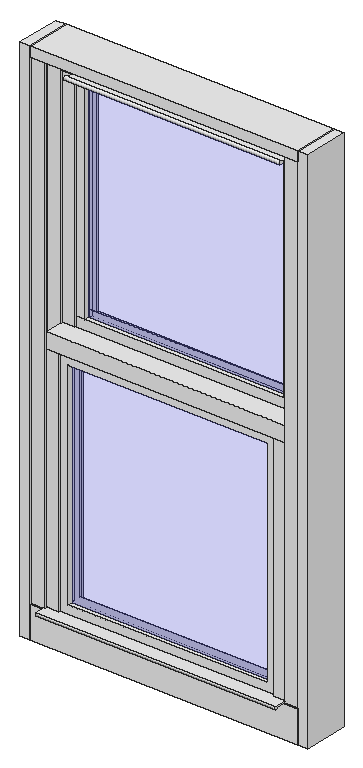
Revit family "Window-Single_&_Double_Hung-Kawneer-8450TL", category Windows, host Wall, Revit 2015
Parameters (values of type "Double Hung")
  URL = "http://www.kawneer.com/kawneer/north_america/en/home.asp"
  Top Window Offset [instance] = if(Top Fixed Window, Height + Small Fixed Window Height, Height)  # 4' - 0"
  Small Fixed Window Height [instance] = 2' - 0"
  Top Fixed Window = no
  Sill Offset [instance] = if([10 lb Sill], 0' 1 19/32", if([15 lb Sill], 0' 2 11/16", 0' 1 21/32"))  # 0' - 1 19/32"
  Serial Number [instance] = ""
  Sash Height [instance] = if(1 = 1, Height / 2, 1' 0")  # 2' - 0"
  Product data url = "https://bimobject.com/kawneerna/product/21020"
  Product Page URL = "http://www.kawneer.com/kawneer/north_america/en/product.asp?cat_id=1347&prod_id=1869"
  Product Documentation Link = "http://www.kawneer.com/kawneer/north_america/catalog/pdf/Arch_8400TL_ISOLOCK.pdf"
  Panel Width [instance] = if(Hung Panel Second Window, Single Window Width - 0' 3 5/8", Fixed Panel Width)  # 1' - 10 3/8"
  Panel Type Small Fixed = Panel-Fixed-Kawneer-wo_Muntins-8410TL : wo Muntins
  Panel Type Second Window = Panel-Fixed-Kawneer-w_Muntins-8410TL : w Muntins
  Panel Type = Panel-Double_Hung-Kawneer-wo_Muntins-8450TL : w/o Muntins
  Panel Offset Second Window [instance] = if(Hung Panel Second Window, 0' 0 1/4", 0' 0")  # 0' - 0 1/4"
  Panel Height [instance] = Height - (Sill Offset + 0' 0 15/16")  # 3' - 9 15/32"
  Opening Height [instance] = if(or(Top Fixed Window, Bottom Fixed Window), Height + Small Fixed Window Height, Height)  # 4' - 0"
  Model = "8450TL Double Hung"  # constant formula
  Manufacturer = "Kawneer Company, Inc"  # constant formula
  Keynote = "08500"  # constant formula
  Height [instance] = 4' - 0"
  Glazing Material = Glass - Kawneer - Clear
  Frame Type Small Fixed = Frame-Fixed-Kawneer-wo_Muntins : Frame
  Frame Type Second Window = Frame-Fixed-Kawneer-w_Muntins : Frame
  Frame Type = Frame-Double_Hung-Kawneer-8450TL : Frame
  Frame Material = Wood - Kawneer - Oak
  Frame Inset [instance] = 0' - 1"
  Frame Finish = Paint - Kawneer - White
  Fixed Panel Width [instance] = if(1 = 1, Single Window Width - 0' 2 3/4", 1' 0")  # 1' - 11 1/4"
  Hung Panel Second Window = yes
  Fixed Panel Second Window = not(Hung Panel Second Window)  # no
  Double Window = no
  Description = "Kawneer 8450TL Double Hung Window"  # constant formula
  Default Sill Height [instance] = 3' - 0"
  Wall Closure = By host
  Width [instance] = if(Double Window, Single Window Width * 2, Single Window Width)  # 2' - 2"
  Copyright © = "©2010 Kawneer"  # constant formula
  Single Window Width [instance] = 2' - 2"
  Construction Type = ""
  CTRL Small Fixed Panel Height [instance] = if(1 = 1, Small Fixed Window Height - 0' 2 3/4", 1' 0")  # 1' - 9 1/4"
  CTRL Small Fixed Window [instance] = or(Top Fixed Window, Bottom Fixed Window)  # no
  CTRL Sill Offset Second Window [instance] = if([10 lb Sill Second Window], 0' 1 19/32", if([15 lb Sill Second Window], 0' 2 11/16", 0' 1 3/8"))  # 0' - 2 11/16"
  CTRL Panel Height Second Window [instance] = if(Hung Panel Second Window, (Height - (CTRL Sill Offset Second Window + 0' 0 15/16")), Height - 0' 2 17/32")  # 3' - 8 3/8"
  Bottom Window Offset [instance] = if(Bottom Fixed Window, Height + Small Fixed Window Height, Height)  # 4' - 0"
  Bottom Fixed Window = no
  Assembly Code = "B2020100"
  15 lb Sill Second Window [instance] = yes
  15 lb Sill [instance] = no
  10 lb Sill Second Window [instance] = no
  10 lb Sill [instance] = yes
Reference planes (in)
  plane 1 "Center (Front/Back)": y = 0
  plane 2 "Bottom": z = 0
  plane 3 "Center (Left/Right)": x = -8
  plane 4 "Left": x = -21
  plane 5 "Right": x = 5
  plane 6 "Sill": z = 36
  plane 7 "Top": z = 84
  plane 8 "Center (Top/Sill)": z = 60
  plane 9 "Wall Face": y = 4
  plane 10 "Frame Front": y = 3
  plane 11 "Top Window Offset Top": z = 84
  plane 12 "Top Window Offset Bottom": z = 36
  plane 13 "Frame Back": y = -1
  plane 14 "Wall Interior Edge": y = -4
  plane 15 "Window Center": y = 1
  plane 16 "Panel Bottom - First Window": z = 37.59375
  plane 17 "Panel Inset Second Window": y = -0.75
  plane 18 "Single Window Center": x = -8
  plane 19 "Single Window Right": x = 5
  plane 20 "Second Window Center": x = -8
  plane 21 "Second Window Left": x = -21
  plane 22 "Panel Inset": y = -0.75
  plane 23 "Panel Bottom Second Window": z = 38.6875
  plane 24 "Top Fixed Panel Top": z = 82.625
  plane 25 "Panel Bottom Bottom Fixed": z = 37.375
Lines and regions (in)
  Opening 1
    outline origin (-60, -4, 0) x (1, 0, 0) y (0, 0, 1)
      loop
        line (39, 84) -> (39, 36) -> (65, 36) -> (65, 84) -> (39, 84)
Text (in)
  text "EXTERIOR" at (-58.6888, 50.90694, 0), in view "Ref. Level"
  text "INTERIOR" at (-58.6888, -37.76638, 0), in view "Ref. Level"
  text "Exterior" at (0, 43.65631, 123.19604), in view "Left"
  text "Exterior" at (0, 18.29385, 125.04747), in view "Right"
Dimensions and locks (in)
  equal spacing: plane 4 "Left", plane 3 "Center (Left/Right)", plane 5 "Right"
  "Default Sill Height": plane 2 "Bottom" to plane 6 "Sill"
  equal spacing: plane 7 "Top", plane 8 "Center (Top/Sill)", plane 6 "Sill"
  "Width": plane 4 "Left" to plane 5 "Right"
  "Frame Inset": plane 9 "Wall Face" to plane 10 "Frame Front"
  locked: plane 10 "Frame Front" to plane 13 "Frame Back" at 4
  locked: plane 14 "Wall Interior Edge" to host wall
  equal spacing: plane 10 "Frame Front", plane 15 "Window Center", plane 13 "Frame Back"
  "Sill Offset": plane 6 "Sill" to plane 16 "Panel Bottom - First Window"
  "Panel Offset Second Window": plane 17 "Panel Inset Second Window" to plane 13 "Frame Back"
  equal spacing: plane 19 "Single Window Right", plane 18 "Single Window Center", plane 4 "Left"
  "Single Window Width": plane 4 "Left" to plane 19 "Single Window Right"
  equal spacing: plane 21 "Second Window Left", plane 20 "Second Window Center", plane 5 "Right"
  "Single Window Width": plane 21 "Second Window Left" to plane 5 "Right"
  locked: plane 22 "Panel Inset" to plane 13 "Frame Back" at 0.25
  "CTRL Sill Offset Second Window": plane 6 "Sill" to plane 23 "Panel Bottom Second Window"
  locked: plane 24 "Top Fixed Panel Top" to plane 11 "Top Window Offset Top" at 1.375
  "Height": plane 6 "Sill" to plane 7 "Top"
  "Bottom Window Offset": plane 12 "Top Window Offset Bottom" to plane 7 "Top"
  "Opening Height": plane 12 "Top Window Offset Bottom" to plane 11 "Top Window Offset Top"
  locked: plane 12 "Top Window Offset Bottom" to plane 25 "Panel Bottom Bottom Fixed" at 1.375
  equal spacing: plane 9 "Wall Face", plane 1 "Center (Front/Back)", plane 14 "Wall Interior Edge"
  aligned and locked: plane 5 "Right" to Opening 1 sketch curve
  aligned and locked: plane 4 "Left" to Opening 1 sketch curve
  aligned and locked: plane 9 "Wall Face" to host wall
  aligned and locked: Opening 1 sketch curve to plane 11 "Top Window Offset Top"
  aligned and locked: nested 1 to plane 16 "Panel Bottom - First Window"
  aligned and locked: plane 18 "Single Window Center" to nested 1
  aligned and locked: plane 18 "Single Window Center" to nested 2
  aligned and locked: nested 2 to plane 10 "Frame Front"
  aligned and locked: nested 3 to plane 20 "Second Window Center"
  aligned and locked: nested 3 to plane 17 "Panel Inset Second Window"
  aligned and locked: nested 1 to plane 22 "Panel Inset"
  aligned and locked: nested 3 to plane 23 "Panel Bottom Second Window"
  aligned and locked: plane 18 "Single Window Center" to nested 4
  aligned and locked: nested 4 to plane 10 "Frame Front"
  aligned and locked: nested 4 to plane 11 "Top Window Offset Top"
  aligned and locked: plane 18 "Single Window Center" to nested 5
  aligned and locked: plane 13 "Frame Back" to nested 5
  aligned and locked: nested 5 to plane 24 "Top Fixed Panel Top"
  aligned and locked: nested 2 to plane 6 "Sill"
  aligned and locked: plane 12 "Top Window Offset Bottom" to Opening 1 sketch curve
  aligned and locked: plane 18 "Single Window Center" to nested 6
  aligned and locked: nested 6 to plane 10 "Frame Front"
  aligned and locked: nested 6 to plane 12 "Top Window Offset Bottom"
  aligned and locked: plane 18 "Single Window Center" to nested 7
  aligned and locked: nested 7 to plane 25 "Panel Bottom Bottom Fixed"
  aligned and locked: plane 13 "Frame Back" to nested 7
  aligned and locked: nested 8 to plane 20 "Second Window Center"
  aligned and locked: nested 8 to plane 10 "Frame Front"
  aligned and locked: nested 8 to plane 12 "Top Window Offset Bottom"
Nested families (in)
  nested 1: "Panel-Double_Hung-Kawneer-wo_Muntins-8450TL" at (-8, 1.17187, 37.59375) x (-1, 0, 0) z (0, 0, 1), Glazing Material <- "Glazing Material", Frame Material <- "Frame Material", Frame Finish <- "Frame Finish", Width <- "Panel Width", Height <- "Panel Height", type <- "Panel Type", type "w/o Muntins"
    with Width 1' - 10 3/8", Top Hung Window Height 1' - 11 41/64", Single Hung Window Height 1' - 11 41/64", Height 3' - 9 15/32", Glazing Material Glass - Kawneer - Clear, Frame Material Wood - Kawneer - Oak, Frame Finish Paint - Kawneer - White
  nested 2: "Frame-Double_Hung-Kawneer-8450TL" at (-8, 1.17187, 36) x (-1, 0, 0) z (0, 0, 1), Glazing Material <- "Glazing Material", Frame Material <- "Frame Material", Frame Finish <- "Frame Finish", Width <- "Single Window Width", Height <- "Height", 10 lbs Sill <- "10 lb Sill", type "Frame"
    with Width 2' - 2", Sill Top 0' - 2 29/32", Muntin Visibility yes, Muntin Not Visible no, Height 4' - 0", Glazing Material Glass - Kawneer - Clear, Frame Material Wood - Kawneer - Oak, Frame Finish Paint - Kawneer - White, 15 lbs Sill no, 10 lbs Sill yes
  nested 3: "Panel-Fixed-Kawneer-w_Muntins-8410TL" at (-8, 2.28125, 38.6875) x (-1, 0, 0) z (0, 0, 1), Glazing Material <- "Glazing Material", Frame Material <- "Frame Material", Frame Finish <- "Frame Finish", Width <- "Panel Width", Height <- "CTRL Panel Height Second Window", type <- "Panel Type Second Window", visible <- "Double Window", type "w Muntins"
    with Width 1' - 10 3/8", Symbol Width 1' - 8 3/8", Symbol Height 3' - 6 3/8", Height 3' - 8 3/8", Glazing Material Glass - Kawneer - Clear, Frame Material Wood - Kawneer - Oak, Frame Finish Paint - Kawneer - White
  nested 4: "Frame-Fixed-Kawneer-wo_Muntins" at (26.64497, -27, 60) x (-1, 0, 0) z (0, 0, 1), type <- "Frame Type Small Fixed", visible <- "Top Fixed Window", Glazing Material <- "Glazing Material", Frame Material <- "Frame Material", Frame Finish <- "Frame Finish", Width <- "Single Window Width", Height <- "Small Fixed Window Height", type "Frame"
    with Width 2' - 2", Panel Width 1' - 11 1/4", Panel Height 1' - 9 1/4", Height 2' - 0", Glazing Material Glass - Kawneer - Clear, Frame Material Wood - Kawneer - Oak, Frame Finish Paint - Kawneer - White
  nested 5: "Panel-Fixed-Kawneer-wo_Muntins-8410TL" at (-8, 2.15625, 61.375) x (-1, 0, 0) z (0, 0, 1), visible <- "Top Fixed Window", Glazing Material <- "Glazing Material", Frame Material <- "Frame Material", Frame Finish <- "Frame Finish", Width <- "Fixed Panel Width", Height <- "CTRL Small Fixed Panel Height", type <- "Panel Type Small Fixed", type "wo Muntins"
    with Width 1' - 11 1/4", Symbol Width 1' - 9 1/4", Symbol Height 1' - 7 1/4", Height 1' - 9 1/4", Glazing Material Glass - Kawneer - Clear, Frame Material Wood - Kawneer - Oak, Frame Finish Paint - Kawneer - White
  nested 6: "Frame-Fixed-Kawneer-wo_Muntins" at (26.64497, -27, 36) x (-1, 0, 0) z (0, 0, 1), visible <- "Bottom Fixed Window", Glazing Material <- "Glazing Material", Frame Material <- "Frame Material", Frame Finish <- "Frame Finish", Width <- "Single Window Width", Height <- "Small Fixed Window Height", type <- "Frame Type Small Fixed", type "Frame"
    with Width 2' - 2", Panel Width 1' - 11 1/4", Panel Height 1' - 9 1/4", Height 2' - 0", Glazing Material Glass - Kawneer - Clear, Frame Material Wood - Kawneer - Oak, Frame Finish Paint - Kawneer - White
  nested 7: "Panel-Fixed-Kawneer-wo_Muntins-8410TL" at (-8, 2.15625, 37.375) x (-1, 0, 0) z (0, 0, 1), type <- "Panel Type Small Fixed", visible <- "Bottom Fixed Window", Glazing Material <- "Glazing Material", Frame Material <- "Frame Material", Frame Finish <- "Frame Finish", Width <- "Fixed Panel Width", Height <- "CTRL Small Fixed Panel Height", type "wo Muntins"
    with Width 1' - 11 1/4", Symbol Width 1' - 9 1/4", Symbol Height 1' - 7 1/4", Height 1' - 9 1/4", Glazing Material Glass - Kawneer - Clear, Frame Material Wood - Kawneer - Oak, Frame Finish Paint - Kawneer - White
  nested 8: "Frame-Fixed-Kawneer-w_Muntins" at (26.64497, -27, 36) x (-1, 0, 0) z (0, 0, 1), Glazing Material <- "Glazing Material", Frame Material <- "Frame Material", Frame Finish <- "Frame Finish", Width <- "Single Window Width", Height <- "Height", type <- "Frame Type Second Window", visible <- "Double Window", type "Frame"
    with Width 2' - 2", Panel Width 1' - 11 1/4", Panel Height 3' - 9 1/4", Height 4' - 0", Glazing Material Glass - Kawneer - Clear, Frame Material Wood - Kawneer - Oak, Frame Finish Paint - Kawneer - White
Definition of nested family "Panel-Double_Hung-Kawneer-wo_Muntins-8450TL"
  Parameters
    Width [instance] = 1' - 10 3/8"
    URL = "http://www.kawneer.com/kawneer/north_america/en/home.asp"
    Top Hung Window Height [instance] = if(1 = 1, (Height / 2) + 0' 0 29/32", 1' 0")  # 1' - 11 15/32"
    Single Hung Window Height [instance] = if(1 = 1, (Height / 2) + 0' 0 29/32", 1' 0")  # 1' - 11 15/32"
    Model = "8430TL Single Hung Window"
    Manufacturer = "Kawneer Company, Inc."
    Keynote = ""
    Height [instance] = 3' - 9 1/8"
    Glazing Material [instance] = none
    Frame Material [instance] = none
    Frame Finish [instance] = none
    Depth = 0' - 3 19/32"  # constant formula
    Assembly Code = ""
  Reference planes (in)
    plane 1 "Center (Front/Back)": y = 0.125
    plane 2 "Bottom": z = 0
    plane 3 "Center (Left/Right)": x = 0
    plane 4 "Top Glass Frame Left": x = -9.75
    plane 5 "Top Glass Frame Right": x = 9.75
    plane 6 "Sill Back Left": x = -10.8125
    plane 7 "Back Sill Right": x = 10.8125
    plane 8 "Left": x = -11.1875
    plane 9 "Right": x = 11.1875
    plane 10 "Back": y = 1.92187
    plane 11 "Bottom Sash Front": y = 0.26562
    plane 12 "Top": z = 45.125
    plane 13 "Front": y = -1.67188
    plane 14 "Top Panel Inside Frame Top": z = 44.37431
    plane 15 "Bottom Sash Frame Top": z = 23.46875
    plane 16 "Top Sash Frame Bottom": z = 21.65625
    plane 17 "Center (Elevation)": z = 22.5625
    plane 18 "Top Sash Back": y = -0.01563
    plane 19 "Bottom Sash Bottom Frame Top": z = 2.125
  Dimensions and locks (in)
    equal spacing: plane 8 "Left", plane 3 "Center (Left/Right)", plane 9 "Right"
    "Width": plane 8 "Left" to plane 9 "Right"
    locked: plane 8 "Left" to plane 6 "Sill Back Left" at 0.375
    locked: plane 8 "Left" to plane 4 "Top Glass Frame Left" at 1.4375
    locked: plane 9 "Right" to plane 7 "Back Sill Right" at 0.375
    locked: plane 9 "Right" to plane 5 "Top Glass Frame Right" at 1.4375
    locked: plane 12 "Top" to plane 14 "Top Panel Inside Frame Top" at 0.75069
    locked: plane 15 "Bottom Sash Frame Top" to plane 17 "Center (Elevation)" at 0.90625
    locked: plane 17 "Center (Elevation)" to plane 16 "Top Sash Frame Bottom" at 0.90625
    equal spacing: plane 10 "Back", plane 1 "Center (Front/Back)", plane 13 "Front"
    locked: plane 1 "Center (Front/Back)" to plane 18 "Top Sash Back" at 0.14063
    locked: plane 1 "Center (Front/Back)" to plane 11 "Bottom Sash Front" at 0.14062
    "Depth": plane 10 "Back" to plane 13 "Front"
    "Height": plane 12 "Top" to plane 2 "Bottom"
    equal spacing: plane 12 "Top", plane 17 "Center (Elevation)", plane 2 "Bottom"
    locked: plane 19 "Bottom Sash Bottom Frame Top" to plane 2 "Bottom" at 2.125
    aligned and locked: level to plane 2 "Bottom"
    aligned and locked: plane 3 "Center (Left/Right)" to nested 1
    aligned and locked: plane 3 "Center (Left/Right)" to nested 2
    aligned and locked: plane 16 "Top Sash Frame Bottom" to nested 1
    aligned and locked: plane 13 "Front" to nested 1
    aligned and locked: plane 10 "Back" to nested 2
    aligned and locked: plane 2 "Bottom" to nested 2
  Nested families (in)
    nested 1: "Sash-Top_Double_Hung-Kawneer-wo_Muntins-8450TL" at (-5.64497, -0.86016, 21.65625), type "w/o Muntins"
      with Symbol Width 1' - 5 5/8", Symbol Height 1' - 7 23/32", Height 1' - 11 15/32"
    nested 2: "Sash-Bottom_Hung-Kawneer-wo_Muntins-8450TL" at (0, 1.09375, 0), type "w/o Muntins"
      with Height 1' - 11 15/32"
  Definition of nested family "Sash-Top_Double_Hung-Kawneer-wo_Muntins-8450TL"
    Parameters
      Width = 1' - 10 3/8"
      URL = "http://www.kawneer.com/kawneer/north_america/en/product.asp?cat_id=1347&prod_id=1869"
      Symbol Width [instance] = if(1 = 1, Width - 0' 4 3/4", 1' 0")  # 1' - 5 5/8"
      Symbol Height [instance] = if(1 = 1, Height - 0' 3 3/4", 1' 0")  # 1' - 8 1/4"
      Model = "8430TL Single Hung Window"  # constant formula
      Manufacturer = "Kawneer Company, Inc."  # constant formula
      Height = 2' - 0"
      Glazing Material = none
      Glass Thickness = 0' - 1"  # constant formula
      Glass Offset = 0' - 0 5/32"  # constant formula
      Frame Material = none
      Frame Finish = none
      Depth = 0' - 1 21/32"  # constant formula
      Assembly Code = ""
    Reference planes (in)
      plane 1 "Center (Front/Back)": y = 0
      plane 2 "Bottom": z = 0
      plane 3 "Center (Left/Right)": x = 5.64497
      plane 4 "Left": x = -5.54253
      plane 5 "Right": x = 16.83247
      plane 6 "Hung Window Left": x = -4.63628
      plane 7 "Hung Window Right": x = 15.92622
      plane 8 "Sill Back Left": x = -4.26128
      plane 9 "Sill Back Right": x = 15.55122
      plane 10 "Frame Left": x = -4.11244
      plane 11 "Frame Right": x = 15.38716
      plane 12 "Glass Left": x = -3.69878
      plane 13 "Glass Right": x = 14.98872
      plane 14 "Center (Top/Bottom)": z = 12.3434
      plane 15 "Top Horizontal Frame": z = 24
      plane 16 "Glass Bottom": z = 2.0625
      plane 17 "Glass Top": z = 22.62431
      plane 18 "Glass Back": y = 0.34453
      plane 19 "Glass Front": y = -0.65547
      plane 20 "Middle Frame Top": z = 2.5625
      plane 21 "Bottom Frame Top": z = 1.8125
      plane 22 "Front": y = -0.81172
      plane 23 "Back Inset": y = 0.84503
      plane 24 "Center Glass": y = -0.15547
      plane 25 "Bottom Frame Inside Top Notch": z = 1.25
      plane 26 "Back": y = 0.96875
      plane 27 "Bottom Frame Inside Right": y = -0.71875
      plane 28 "Frame Notch Back": y = 0.78125
      plane 29 "Muntin Left": x = -3.35503
      plane 30 "Muntin Right": x = 14.64458
      plane 31 "Muntin Top": z = 22.12431
      plane 32 "Muntin Front": y = -1.03047
    Forms (in)
      Extrusion 1, solid, material <- "Glazing Material"
        sketch origin (0, 0, 0) x (1, 0, 0) y (0, 1, 0)
          loop
            line (-3.69878, 0.34453) -> (-3.69878, -0.65547) -> (14.98872, -0.65547) -> (14.98872, 0.34453) -> (-3.69878, 0.34453)
        from 2.0625 to 22.62431
      Extrusion 2, solid, material <- "Frame Finish"
        sketch origin (5.64497, 0, 0) x (0, 1, 0) y (0, 0, 1)
          loop
            line (-0.71875, 1.8125) -> (-0.81172, 1.8125) -> (-0.81172, 0) -> (0.96875, 0) -> (0.96875, 1.25) -> (0.78125, 1.25) -> (0.78125, 2.5625) -> (0.34453, 2.5625) -> (0.34453, 1.8125) -> (-0.65547, 1.8125) -> (-0.65547, 2.5625) -> (-0.71875, 2.5625) -> (-0.71875, 1.8125)
        from -9.75742 to 9.74219
      Extrusion 3, solid, material <- "Frame Finish"
        sketch origin (0, 0, 0) x (1, 0, 0) y (0, 1, 0)
          loop
            line (-5.54253, 0.96875) -> (-5.54253, -0.81172) -> (-4.11244, -0.81172) -> (-4.11244, 0.96875) -> (-5.54253, 0.96875)
          loop
            line (16.83247, 0.96875) -> (15.38716, 0.96875) -> (15.38716, -0.81172) -> (16.83247, -0.81172) -> (16.83247, 0.96875)
        from 0 to 24
      Extrusion 4, solid, material <- "Frame Finish"
        sketch origin (0, -0.81172, 0) x (0, 0, -1) y (-1, 0, 0)
          loop
            line (-2.5625, 4.11244) -> (-22.62431, 4.11244) -> (-22.62431, -15.38716) -> (-2.5625, -15.38716) -> (-2.5625, -14.64458) -> (-22.12431, -14.64458) -> (-22.12431, 3.35503) -> (-2.5625, 3.35503) -> (-2.5625, 4.11244)
        from 0.09297 to 0.15625
      Extrusion 5, solid, material <- "Frame Finish"
        sketch origin (0, -0.81172, 0) x (0, 0, -1) y (-1, 0, 0)
          loop
            line (-2.5625, 4.11244) -> (-22.62431, 4.11244) -> (-22.62431, -15.38716) -> (-2.5625, -15.38716) -> (-2.5625, -14.64458) -> (-22.12431, -14.64458) -> (-22.12431, 3.35503) -> (-2.5625, 3.35503) -> (-2.5625, 4.11244)
        from 1.15625 to 1.59297
      Sweep 6, solid, material <- "Frame Finish"
        path origin (0, 0, 2.07665) x (1, 0, 0) y (0, 0, 1)
          loop
            line (-4.11244, 21.92335) -> (15.38716, 21.92335)
        profile "Window Sill Top : Window Sill Top" origin (5.63736, 0, 24) x (0, 0, 1) y (0, -1, 0)
          loop
            line (0, 0.81172) -> (-1.375, 0.81172) -> (-1.375, -2.12578)
            arc (-1.375, -2.12578) -> (-1.13302, -2.05019) -> (-1.28125, -1.84453) r 0.15625
            line (-1.28125, -1.84453) -> (-1.28125, -0.96953) -> (0, -0.96953) -> (0, 0.81172)
    Lines and regions (in)
      Masking region 1, detail levels fine
        outline origin (-5.54253, 0, 0) x (0, 0, -1) y (0, -1, 0)
          loop
            line (0, 0.81172) -> (-1.8125, 0.81172) -> (-1.8125, 0.71875) -> (-2.5625, 0.71875) -> (-2.5625, 0.65547) -> (-1.8125, 0.65547) -> (-1.8125, -0.34453) -> (-2.5625, -0.34453) -> (-2.5625, -0.78125) -> (-1.8125, -0.78125) -> (-1.8125, -0.84503) -> (-1.25, -0.84503) -> (-1.25, -0.96875) -> (-1.15625, -0.96875) -> (-0.53125, -0.96875) -> (-0.09375, -0.96875) -> (0, -0.96875) -> (0, 0.81172)
      Masking region 2, detail levels fine
        outline origin (-5.54253, 0, 0) x (0, 0, -1) y (0, -1, 0)
          loop
            line (-22.62431, -0.34453) -> (-1.8125, -0.34453) -> (-1.8125, 0.65547) -> (-22.62431, 0.65547) -> (-22.62431, -0.34453)
      Masking region 3
        outline origin (0, 0, 0) x (1, 0, 0) y (0, 0, 1)
          loop
            line (-4.11244, 24) -> (-4.11244, 0) -> (15.38716, 0) -> (15.38716, 24) -> (-4.11244, 24)
          loop
            line (-3.35503, 22.12431) -> (-3.35503, 2.5625) -> (14.64458, 2.5625) -> (14.64458, 22.12431) -> (-3.35503, 22.12431)
      Masking region 4
        outline origin (0, 0, 0) x (1, 0, 0) y (0, 0, 1)
          loop
            line (-3.35503, 22.12431) -> (-3.35503, 2.5625) -> (14.64458, 2.5625) -> (14.64458, 22.12431) -> (-3.35503, 22.12431)
      Masking region 5, detail levels fine
        outline origin (0, 0, 0) x (1, 0, 0) y (0, 0, 1)
          loop
            line (-4.11244, 1.8125) -> (-4.11244, 0) -> (15.38716, 0) -> (15.38716, 1.8125) -> (-4.11244, 1.8125)
          loop
            line (-4.11244, 24) -> (-4.11244, 22.62431) -> (15.38716, 22.62431) -> (15.38716, 24) -> (-4.11244, 24)
      Masking region 6, detail levels medium+fine
        outline origin (5.64497, 0, 0) x (0, 1, 0) y (0, 0, 1)
          loop
            line (-0.81172, 22.62431) -> (-0.81172, 1.8125) -> (0.84503, 1.8125) -> (0.84503, 22.62431) -> (-0.81172, 22.62431)
      Masking region 7, detail levels medium
        outline origin (5.64497, 0, 0) x (0, 1, 0) y (0, 0, 1)
          loop
            line (-0.81172, 1.8125) -> (-0.81172, 0) -> (0.96875, 0) -> (0.96875, 1.25) -> (0.84503, 1.25) -> (0.84503, 1.8125) -> (-0.81172, 1.8125)
      Masking region 8, not visible, detail levels fine
        outline origin (5.64497, 0, 0) x (0, 1, 0) y (0, 0, 1)
          loop
            line (-0.65547, 12.63993) -> (-1.03047, 12.42118) -> (-1.03047, 12.26562) -> (-0.65547, 12.04687) -> (-0.65547, 12.63993)
      Masking region 9
        outline origin (0, 0, 0) x (1, 0, 0) y (0, 0, 1)
          loop
            line (-5.54253, 24) -> (-5.54253, 0) -> (-4.11244, 0) -> (-4.11244, 24) -> (-5.54253, 24)
          loop
            line (15.38716, 24) -> (15.38716, 0) -> (16.83247, 0) -> (16.83247, 24) -> (15.38716, 24)
      Masking region 10, detail levels medium+fine
        outline origin (5.64497, 0, 0) x (0, 1, 0) y (0, 0, 1)
          loop
            line (-0.81172, 24) -> (-0.81172, 22.62431) -> (0.96875, 22.62431) -> (0.96875, 24) -> (-0.81172, 24)
      symbolic lines, detail levels medium
        curve 1: line (5.64497, -0.15547, 1.8125) -> (5.64497, -0.15547, 22.62431)
    Dimensions and locks (in)
      "Width": plane 4 "Left" to plane 5 "Right"
      locked: plane 20 "Middle Frame Top" to plane 2 "Bottom" at 2.5625
      locked: plane 16 "Glass Bottom" to plane 2 "Bottom" at 2.0625
      locked: plane 21 "Bottom Frame Top" to plane 25 "Bottom Frame Inside Top Notch" at 0.5625
      locked: plane 10 "Frame Left" to plane 29 "Muntin Left" at 0.75742
      locked: plane 30 "Muntin Right" to plane 11 "Frame Right" at 0.74258
      locked: plane 4 "Left" to plane 29 "Muntin Left" at 2.1875
      locked: plane 4 "Left" to plane 6 "Hung Window Left" at 0.90625
      locked: plane 4 "Left" to plane 8 "Sill Back Left" at 1.28125
      locked: plane 4 "Left" to plane 12 "Glass Left" at 1.84375
      locked: plane 30 "Muntin Right" to plane 5 "Right" at 2.1879
      locked: plane 7 "Hung Window Right" to plane 5 "Right" at 0.90625
      locked: plane 9 "Sill Back Right" to plane 5 "Right" at 1.28125
      locked: plane 13 "Glass Right" to plane 5 "Right" at 1.84375
      equal spacing: plane 18 "Glass Back", plane 24 "Center Glass", plane 19 "Glass Front"
      locked: plane 27 "Bottom Frame Inside Right" to plane 22 "Front" at 0.09297
      "Glass Offset": plane 19 "Glass Front" to plane 22 "Front"
      "Glass Thickness": plane 18 "Glass Back" to plane 19 "Glass Front"
      locked: plane 26 "Back" to plane 23 "Back Inset" at 0.12372
      locked: plane 19 "Glass Front" to plane 32 "Muntin Front" at 0.375
      equal spacing: plane 31 "Muntin Top", plane 14 "Center (Top/Bottom)", plane 20 "Middle Frame Top"
      locked: plane 15 "Top Horizontal Frame" to plane 17 "Glass Top" at 1.37569
      locked: plane 17 "Glass Top" to plane 31 "Muntin Top" at 0.5
      "Height": plane 15 "Top Horizontal Frame" to plane 2 "Bottom"
      locked: plane 22 "Front" to plane 23 "Back Inset" at 1.65675
      locked: plane 21 "Bottom Frame Top" to plane 2 "Bottom" at 1.8125
      locked: plane 28 "Frame Notch Back" to plane 26 "Back" at 0.1875
      plane 22 "Front" to plane 26 "Back" = 0' - 1.78047"
      locked: plane 22 "Front" to plane 1 "Center (Front/Back)" at 0.81172
      equal spacing: plane 4 "Left", plane 3 "Center (Left/Right)", plane 5 "Right"
      aligned and locked: Extrusion 1 sketch curve to plane 18 "Glass Back"
      aligned and locked: plane 19 "Glass Front" to Extrusion 1 sketch curve
      aligned and locked: plane 13 "Glass Right" to Extrusion 1 sketch curve
      aligned and locked: Extrusion 1 sketch curve to plane 12 "Glass Left"
      aligned and locked: plane 17 "Glass Top" to Extrusion 1
      aligned and locked: Extrusion 1 to plane 16 "Glass Bottom"
      aligned and locked: plane 2 "Bottom" to Masking region 1 sketch curve
      aligned and locked: plane 26 "Back" to Masking region 1 sketch curve  (x3)
      aligned and locked: Masking region 1 sketch curve to plane 26 "Back"
      aligned and locked: Masking region 1 sketch curve to plane 25 "Bottom Frame Inside Top Notch"
      aligned and locked: plane 19 "Glass Front" to Masking region 2 sketch curve
      aligned and locked: Masking region 2 sketch curve to plane 18 "Glass Back"
      aligned and locked: Masking region 3 sketch curve to plane 31 "Muntin Top"
      aligned and locked: plane 20 "Middle Frame Top" to Masking region 3 sketch curve
      aligned and locked: Masking region 3 sketch curve to plane 29 "Muntin Left"
      aligned and locked: plane 30 "Muntin Right" to Masking region 3 sketch curve
      aligned and locked: plane 20 "Middle Frame Top" to Masking region 4 sketch curve
      aligned and locked: plane 30 "Muntin Right" to Masking region 4 sketch curve
      aligned and locked: Masking region 4 sketch curve to plane 29 "Muntin Left"
      aligned and locked: Masking region 4 sketch curve to plane 31 "Muntin Top"
      aligned and locked: Masking region 5 sketch curve to plane 21 "Bottom Frame Top"
      aligned and locked: plane 2 "Bottom" to Masking region 5 sketch curve
      aligned and locked: plane 22 "Front" to Masking region 6 sketch curve
      aligned and locked: plane 22 "Front" to Masking region 1 sketch curve
      aligned and locked: Masking region 1 sketch curve to plane 21 "Bottom Frame Top"  (x3)
      aligned and locked: Masking region 7 sketch curve to plane 21 "Bottom Frame Top"
      aligned and locked: Masking region 7 sketch curve to plane 25 "Bottom Frame Inside Top Notch"
      aligned and locked: plane 2 "Bottom" to Masking region 7 sketch curve
      aligned and locked: plane 22 "Front" to Masking region 7 sketch curve
      aligned and locked: Masking region 6 sketch curve to plane 23 "Back Inset"
      aligned and locked: plane 21 "Bottom Frame Top" to Masking region 6 sketch curve
      aligned and locked: plane 23 "Back Inset" to Masking region 1 sketch curve
      aligned and locked: Masking region 7 sketch curve to plane 26 "Back"
      aligned and locked: plane 21 "Bottom Frame Top" to Masking region 2 sketch curve
      aligned and locked: Masking region 3 sketch curve to plane 15 "Top Horizontal Frame"
      aligned and locked: Masking region 8 sketch curve to plane 19 "Glass Front"
      aligned and locked: Masking region 8 sketch curve to plane 32 "Muntin Front"
      aligned and locked: plane 24 "Center Glass" to curve 1
      aligned and locked: Extrusion 2 sketch curve to plane 18 "Glass Back"
      aligned and locked: plane 19 "Glass Front" to Extrusion 2 sketch curve
      aligned and locked: plane 20 "Middle Frame Top" to Extrusion 2 sketch curve  (x2)
      aligned and locked: Extrusion 2 sketch curve to plane 27 "Bottom Frame Inside Right"
      aligned and locked: plane 21 "Bottom Frame Top" to Extrusion 2 sketch curve  (x2)
      aligned and locked: Extrusion 2 sketch curve to plane 22 "Front"
      aligned and locked: Extrusion 2 sketch curve to plane 2 "Bottom"
      aligned and locked: plane 26 "Back" to Extrusion 2 sketch curve
      aligned and locked: plane 25 "Bottom Frame Inside Top Notch" to Extrusion 2 sketch curve
      aligned and locked: plane 28 "Frame Notch Back" to Extrusion 2 sketch curve
      aligned and locked: plane 10 "Frame Left" to Extrusion 2
      aligned and locked: Extrusion 2 to plane 11 "Frame Right"
      aligned and locked: Extrusion 3 sketch curve to plane 26 "Back"
      aligned and locked: Extrusion 3 sketch curve to plane 4 "Left"
      aligned and locked: plane 22 "Front" to Extrusion 3 sketch curve
      aligned and locked: plane 10 "Frame Left" to Extrusion 3 sketch curve
      aligned and locked: plane 11 "Frame Right" to Extrusion 3 sketch curve
      aligned and locked: plane 26 "Back" to Extrusion 3 sketch curve
      aligned and locked: Extrusion 3 sketch curve to plane 5 "Right"
      aligned and locked: Extrusion 3 sketch curve to plane 22 "Front"
      aligned and locked: Extrusion 3 to plane 2 "Bottom"
      aligned and locked: plane 15 "Top Horizontal Frame" to Extrusion 3
      aligned and locked: plane 29 "Muntin Left" to Extrusion 4 sketch curve
      aligned and locked: plane 31 "Muntin Top" to Extrusion 4 sketch curve
      aligned and locked: Extrusion 4 sketch curve to plane 30 "Muntin Right"
      aligned and locked: plane 11 "Frame Right" to Extrusion 4 sketch curve
      aligned and locked: Extrusion 4 sketch curve to plane 10 "Frame Left"
      aligned and locked: Masking region 3 sketch curve to plane 10 "Frame Left"
      aligned and locked: plane 11 "Frame Right" to Masking region 3 sketch curve
      aligned and locked: Extrusion 4 to plane 27 "Bottom Frame Inside Right"
      aligned and locked: plane 19 "Glass Front" to Extrusion 4
      aligned and locked: plane 20 "Middle Frame Top" to Extrusion 4 sketch curve  (x2)
      aligned and locked: plane 11 "Frame Right" to Masking region 5 sketch curve  (x2)
      aligned and locked: Masking region 5 sketch curve to plane 10 "Frame Left"  (x2)
      aligned and locked: Masking region 9 sketch curve to plane 15 "Top Horizontal Frame"  (x2)
      aligned and locked: plane 10 "Frame Left" to Masking region 9 sketch curve
      aligned and locked: Masking region 9 sketch curve to plane 4 "Left"
      aligned and locked: plane 2 "Bottom" to Masking region 9 sketch curve  (x2)
      aligned and locked: Masking region 9 sketch curve to plane 11 "Frame Right"
      aligned and locked: plane 5 "Right" to Masking region 9 sketch curve
      aligned and locked: Extrusion 5 to plane 18 "Glass Back"
      aligned and locked: plane 28 "Frame Notch Back" to Extrusion 5
      aligned and locked: plane 29 "Muntin Left" to Extrusion 5 sketch curve
      aligned and locked: Extrusion 5 sketch curve to plane 10 "Frame Left"
      aligned and locked: plane 20 "Middle Frame Top" to Extrusion 5 sketch curve  (x2)
      aligned and locked: plane 31 "Muntin Top" to Extrusion 5 sketch curve
      aligned and locked: Extrusion 5 sketch curve to plane 30 "Muntin Right"
      aligned and locked: plane 11 "Frame Right" to Extrusion 5 sketch curve
      aligned and locked: Sweep 6 sketch curve to plane 15 "Top Horizontal Frame"
      aligned and locked: plane 10 "Frame Left" to Sweep 6 sketch curve
      aligned and locked: plane 11 "Frame Right" to Sweep 6 sketch curve
      aligned and locked: Masking region 6 sketch curve to plane 17 "Glass Top"
      aligned and locked: plane 17 "Glass Top" to Masking region 2 sketch curve
      aligned and locked: Extrusion 5 sketch curve to plane 17 "Glass Top"
      aligned and locked: Extrusion 4 sketch curve to plane 17 "Glass Top"
      aligned and locked: Masking region 7 sketch curve to plane 23 "Back Inset"
      aligned and locked: plane 27 "Bottom Frame Inside Right" to Masking region 1 sketch curve
      aligned and locked: Masking region 1 sketch curve to plane 20 "Middle Frame Top"  (x2)
      aligned and locked: Masking region 1 sketch curve to plane 19 "Glass Front"
      aligned and locked: plane 18 "Glass Back" to Masking region 1 sketch curve
      aligned and locked: Masking region 1 sketch curve to plane 28 "Frame Notch Back"
      aligned and locked: plane 17 "Glass Top" to Masking region 5 sketch curve
      aligned and locked: Masking region 5 sketch curve to plane 15 "Top Horizontal Frame"
      aligned and locked: plane 2 "Bottom" to Masking region 3 sketch curve
      aligned and locked: nested 1 to plane 3 "Center (Left/Right)"
      aligned and locked: plane 14 "Center (Top/Bottom)" to nested 1
      aligned and locked: Masking region 10 sketch curve to plane 15 "Top Horizontal Frame"
      aligned and locked: plane 17 "Glass Top" to Masking region 10 sketch curve
      aligned and locked: Masking region 10 sketch curve to plane 26 "Back"
      aligned and locked: plane 22 "Front" to Masking region 10 sketch curve
    Automatic sketch dimensions
      Masking region 8 sketch curve to plane 14 "Center (Top/Bottom)" = 0' - 0.07778"
      plane 14 "Center (Top/Bottom)" to Masking region 8 sketch curve = 0' - 0.07778"
      plane 14 "Center (Top/Bottom)" to Masking region 8 sketch curve = 0' - 0.29653"
      Masking region 8 sketch curve to plane 14 "Center (Top/Bottom)" = 0' - 0.29653"
      curve 1 to plane 21 "Bottom Frame Top" = 0' - 0"
      curve 1 to plane 17 "Glass Top" = 0' - 0"
      Masking region 1 sketch curve to Masking region 1 sketch curve = 0' - 0 3/32"
      Masking region 1 sketch curve to Masking region 1 sketch curve = 0' - 0"  (x3)
      level to Masking region 1 sketch curve = 0' - 0 17/32"
      level to Masking region 1 sketch curve = 0' - 0 3/32"
    Nested families (in)
      nested 1: "Window-Hung-Arrows" at (5.64497, 0, 12.3434) x (-1, 0, 0) z (0, -1, 0), type "Up Arrow"
    Definition of nested family "Window-Hung-Arrows"
      Parameters
        Width = 1' - 10 3/8"
        Height = 2' - 0"
        Assembly Code = ""
      Reference planes (in)
        plane 1 "Center (Front/Back)": y = 0
        plane 2: z = 0
        plane 3 "Center (Left/Right)": x = 0
        plane 4 "Top": y = 12
        plane 5 "Bottom": y = -12
        plane 6 "Left": x = -11.1875
        plane 7 "Right": x = 11.1875
        plane 8 "Arrow Left": x = -4.1875
        plane 9 "Arrow Right": x = 4.1875
        plane 10 "Arrow Top": y = 6
        plane 11 "Arrow Bottom": y = -6
      Lines and regions (in)
        detail lines, in view "Ref. Level"
          curve 1: line (0, 6, 0) -> (0, -6, 0)
          curve 2: line (0, 6, 0) -> (-4.1875, 0, 0)
          curve 3: line (0, 6, 0) -> (4.1875, 0, 0)
      Dimensions and locks (in)
        equal spacing: plane 6 "Left", plane 3 "Center (Left/Right)", plane 7 "Right"
        "Width": plane 6 "Left" to plane 7 "Right"
        equal spacing: plane 5 "Bottom", plane 1 "Center (Front/Back)", plane 4 "Top"
        "Height": plane 5 "Bottom" to plane 4 "Top"
        locked: plane 4 "Top" to plane 10 "Arrow Top" at 6
        locked: plane 11 "Arrow Bottom" to plane 5 "Bottom" at 6
        locked: plane 6 "Left" to plane 8 "Arrow Left" at 7
        locked: plane 9 "Arrow Right" to plane 7 "Right" at 7
        aligned and locked: plane 10 "Arrow Top" to curve 3
        aligned and locked: plane 1 "Center (Front/Back)" to curve 3
        aligned and locked: plane 9 "Arrow Right" to curve 3
        aligned and locked: plane 3 "Center (Left/Right)" to curve 2
        aligned and locked: plane 1 "Center (Front/Back)" to curve 2
        aligned and locked: plane 8 "Arrow Left" to curve 2
      Automatic sketch dimensions
        curve 1 to plane 11 "Arrow Bottom" = 0' - 0"
  Definition of nested family "Sash-Bottom_Hung-Kawneer-wo_Muntins-8450TL"
    Parameters
      Width = 1' - 10 3/8"
      Paint Finish = none
      Height = 2' - 0"
      Glazing Material = none
      Glass Thickness = 0' - 1"  # constant formula
      Glass Offset = 0' - 0 17/32"  # constant formula
      Frame Material = none
      Depth = 0' - 1 21/32"  # constant formula
      Bottom Frame Offset = 0' - 0 7/16"  # constant formula
      Assembly Code = ""
    Reference planes (in)
      plane 1 "Center (Front/Back)": y = 0
      plane 2 "Bottom": z = 0
      plane 3 "Center (Left/Right)": x = 0
      plane 4 "Left": x = -11.1875
      plane 5 "Right": x = 11.1875
      plane 6 "Back": y = 0.82812
      plane 7 "Front": y = -0.82813
      plane 8 "Top": z = 24
      plane 9 "Glass Left": x = -9.5
      plane 10 "Glass Exterior": y = -0.70313
      plane 11 "Glass Interior": y = 0.29687
      plane 12 "Glass Right": x = 9.5
      plane 13 "Glass Top": z = 22.375
      plane 14 "Glass Bottom": z = 1.625
      plane 15 "Wedge Bottom": z = 1.375
      plane 16 "Vertical Bottom": z = 2.125
      plane 17 "Vertical Top": z = 21.875
      plane 18 "Horizontal Left Edge": x = -10.8125
      plane 19 "Horizontal Right Edge": x = 10.8125
      plane 20 "Insert Left": x = -9.75
      plane 21 "Insert Right": x = 9.75
      plane 22 "Insert Top": z = 22.625
      plane 23 "Middle Muntin": z = 12
      plane 24 "Left Grip Edge": x = -9
      plane 25 "Right Grip Edge": x = 9
      plane 26 "Muntin Center Top": z = 12.3125
      plane 27 "Center Muntin Bottom": z = 11.6875
      plane 28 "Jamb Inside Bottom Top": y = -0.73438
      plane 29 "Window Holder Top Top": y = 0.67187
      plane 30 "Window Top Top": y = 2.04688
      plane 31 "Window Top Inside Top": y = 1.82813
      plane 32 "Window Top Lip": y = 1.99384
      plane 33: z = 23.4375
      plane 34: z = 1.28125
      plane 35: z = 1.17816
      plane 36 "Sill Notch Inside": y = -0.10938
      plane 37 "Sill Inset": z = 0.9375
      plane 38 "Center Glass": y = -0.20313
      plane 39 "Top Frame Front": y = -1.04688
    Forms (in)
      Sweep 1, solid, material <- "Paint Finish"
        path origin (0, 0, 0) x (1, 0, 0) y (0, 0, 1)
          loop
            line (-10.8125, 24) -> (10.8125, 24)
        profile "Window Top : Window Top" origin (0, 0, 24) x (0, 0, 1) y (0, -1, 0)
          loop
            line (0, 1.04687) -> (-0.5625, 1.04687) -> (-0.5625, 0.82813) -> (-1.375, 0.82813) -> (-1.375, -0.70312) -> (-1.375, -0.82812) -> (0, -0.82813) -> (0, 1.04687)
      Sweep 2, solid, material <- "Paint Finish", detail levels fine
        path origin (0, 0, 0) x (1, 0, 0) y (0, 0, 1)
          loop
            line (-10.8125, 0) -> (10.8125, 0)
        profile "Window Sill : Window Sill" origin (0, 0, 0) x (0, 0, 1) y (0, -1, 0)
          loop
            line (0, 0.82813) -> (0, -0.82812) -> (1.28125, -0.82813) -> (1.28125, -1.82813)
            arc (1.28125, -1.82813) -> (1.18605, -1.99136) -> (1.375, -1.99384) r 0.10937
            line (1.375, -1.99384) -> (1.375, -0.42188) -> (1.375, 0.82812) -> (0, 0.82813)
      Sweep 3, solid, material <- "Paint Finish"
        path origin (0, 0, 6.875) x (1, 0, 0) y (0, 0, 1)
          loop
            line (-11.1875, 15.75) -> (-11.1875, -5.5)
        profile "Profile-Window_Left : Profile-Window_Left" origin (-11.1875, 0, 12) x (1, 0, 0) y (0, -1, 0)
          loop
            line (0, -0.82813) -> (1.4375, -0.82813) -> (1.4375, 0.82812) -> (0, 0.82812) -> (0, -0.82813)
      Sweep 4, solid, material <- "Paint Finish"
        path origin (0, 0, 0) x (1, 0, 0) y (0, 0, 1)
          loop
            line (11.1875, 22.625) -> (11.1875, 1.375)
        profile "Profile-Window_Right : Profile-Window_Right" origin (11.1875, 0, 12) x (1, 0, 0) y (0, -1, 0)
          loop
            line (0, 0.82812) -> (-1.4375, 0.82812) -> (-1.4375, -0.82813) -> (0, -0.82813) -> (0, 0.82812)
      Extrusion 5, solid, material <- "Glazing Material"
        sketch origin (0, 0, 0) x (1, 0, 0) y (0, 1, 0)
          loop
            line (-9.5, 0.29687) -> (-9.5, -0.70313) -> (9.5, -0.70313) -> (9.5, 0.29687) -> (-9.5, 0.29687)
        from 1.625 to 22.375
      Sweep 6, solid, material <- "Paint Finish", detail levels coarse+medium
        path origin (0, 0, 0) x (1, 0, 0) y (0, 0, 1)
          loop
            line (-10.8125, 0) -> (10.8125, 0)
        profile origin (0, 0, 0) x (0, 0, 1) y (0, -1, 0)
          loop
            line (1.375, 0.82812) -> (0, 0.82813) -> (0, -0.82813) -> (1.375, -0.82813) -> (1.375, 0.82812)
      Extrusion 7, solid, material <- "Paint Finish"
        sketch origin (0, -0.82813, 0) x (-1, 0, 0) y (0, 0, 1)
          loop
            line (9, 21.875) -> (-9, 21.875) -> (-9, 2.125) -> (9, 2.125) -> (9, 21.875)
          loop
            line (9.75, 22.625) -> (-9.75, 22.625) -> (-9.75, 1.375) -> (9.75, 1.375) -> (9.75, 22.625)
        from 0 to 0.125
      Extrusion 8, solid, material <- "Paint Finish"
        sketch origin (0, -0.82813, 0) x (-1, 0, 0) y (0, 0, 1)
          loop
            line (9, 21.875) -> (-9, 21.875) -> (-9, 2.125) -> (9, 2.125) -> (9, 21.875)
          loop
            line (9.75, 22.625) -> (-9.75, 22.625) -> (-9.75, 1.375) -> (9.75, 1.375) -> (9.75, 22.625)
        from 1.125 to 1.5
    Lines and regions (in)
      Masking region 1
        outline origin (0, 0, 0) x (1, 0, 0) y (0, 0, 1)
          loop
            line (-9.75, 24) -> (-9.75, 0) -> (9.75, 0) -> (9.75, 24) -> (-9.75, 24)
          loop
            line (-9, 21.875) -> (-9, 2.125) -> (9, 2.125) -> (9, 21.875) -> (-9, 21.875)
      Masking region 2
        outline origin (0, 0, 0) x (1, 0, 0) y (0, 0, 1)
          loop
            line (-9, 21.875) -> (-9, 2.125) -> (9, 2.125) -> (9, 21.875) -> (-9, 21.875)
      Masking region 3, detail levels fine
        outline origin (0, 0, 1.375) x (-1, 0, 0) y (0, -1, 0)
          loop
            line (9.5, -0.29687) -> (9.5, 0.70313) -> (-9.5, 0.70313) -> (-9.5, -0.29687) -> (9.5, -0.29687)
      Masking region 4, detail levels fine
        outline origin (0, 0, 0) x (0, 1, 0) y (0, 0, 1)
          loop
            line (0.82812, 24) -> (-1.04688, 24) -> (-1.04688, 23.4375) -> (-0.82813, 23.4375) -> (-0.82813, 22.625) -> (0.82812, 22.625) -> (0.82812, 24)
      Masking region 5, detail levels medium+fine
        outline origin (0, 0, 0) x (0, 1, 0) y (0, 0, 1)
          loop
            line (0.82812, 22.625) -> (-0.82813, 22.625) -> (-0.82813, 1.375) -> (0.82812, 1.375) -> (0.82812, 22.625)
      Masking region 6, detail levels fine
        outline origin (0, 0, 0) x (0, 1, 0) y (0, 0, 1)
          loop
            line (1.99384, 1.375) -> (-0.82813, 1.375) -> (-0.82813, 0) -> (-0.73438, 0) -> (-0.73438, 0.9375) -> (-0.10938, 0.9375) -> (-0.10938, 0) -> (0.82812, 0) -> (0.82812, 1.28125) -> (1.82813, 1.28125)
            arc (1.82813, 1.28125) -> (1.99136, 1.18605) -> (1.99384, 1.375) r 0.10937
      Masking region 7, detail levels fine
        outline origin (0, 0, 0) x (0, 1, 0) y (0, 0, 1)
          loop
            line (0.29687, 22.625) -> (-0.70313, 22.625) -> (-0.70313, 1.375) -> (0.29687, 1.375) -> (0.29687, 22.625)
      Masking region 8, detail levels fine
        outline origin (0, 0, 1.375) x (-1, 0, 0) y (0, -1, 0)
          loop
            line (10.8125, -2.04688) -> (10.8125, -0.82812) -> (-10.8125, -0.82812) -> (-10.8125, -2.04688) -> (10.8125, -2.04688)
      Masking region 9, detail levels medium+fine
        outline origin (0, 0, 1.375) x (-1, 0, 0) y (0, -1, 0)
          loop
            line (-9.5, 0.82813) -> (-9.5, -0.67187) -> (9.5, -0.67187) -> (9.5, 0.82813) -> (-9.5, 0.82813)
      Masking region 10, not visible, detail levels fine
        outline origin (0, 0, 0) x (1, 0, 0) y (0, 1, 0)
          loop
            line (-3.3125, -0.70313) -> (-2.6875, -0.70313) -> (-2.90625, -0.64062) -> (-3.09375, -0.64063) -> (-3.3125, -0.70313)
          loop
            line (3.3125, -0.70313) -> (3.09375, -0.64063) -> (2.90625, -0.64062) -> (2.6875, -0.70313) -> (3.3125, -0.70313)
      Masking region 11, detail levels fine
        outline origin (0, 0, 1.375) x (-1, 0, 0) y (0, -1, 0)
          loop
            line (9, -0.67187) -> (9.5, -0.67187) -> (9.5, -0.82812) -> (10.8125, -0.82812) -> (10.8125, 0.82813) -> (9, 0.82813) -> (9, 0.70313) -> (9.5, 0.70313) -> (9.5, -0.29687) -> (9, -0.29687) -> (9, -0.67187)
          loop
            line (-9, -0.67187) -> (-9, -0.29687) -> (-9.5, -0.29687) -> (-9.5, 0.70313) -> (-9, 0.70313) -> (-9, 0.82813) -> (-10.8125, 0.82813) -> (-10.8125, -0.82812) -> (-9.5, -0.82812) -> (-9.5, -0.67187) -> (-9, -0.67187)
      Masking region 12, detail levels medium
        outline origin (0, 0, 1.375) x (-1, 0, 0) y (0, -1, 0)
          loop
            line (9, 0.82813) -> (9, -0.82812) -> (10.8125, -0.82812) -> (10.8125, 0.82813) -> (9, 0.82813)
          loop
            line (-9, 0.82813) -> (-10.8125, 0.82813) -> (-10.8125, -0.82812) -> (-9, -0.82812) -> (-9, 0.82813)
      Masking region 13, detail levels medium
        outline origin (0, 0, 0.25) x (0, 1, 0) y (0, 0, 1)
          loop
            line (-0.82813, 1.125) -> (-0.82813, -0.25) -> (0.82812, -0.25) -> (0.82812, 1.125) -> (-0.82813, 1.125)
          loop
            line (-0.82813, 23.75) -> (-0.82813, 22.375) -> (0.82812, 22.375) -> (0.82812, 23.75) -> (-0.82813, 23.75)
      Masking region 14, detail levels fine
        outline origin (0, -0.06985, 0) x (0, 1, 0) y (0, 0, 1)
          loop
            line (-0.75828, 2.125) -> (-0.75828, 1.375) -> (-0.63328, 1.375) -> (-0.63328, 2.125) -> (-0.75828, 2.125)
          loop
            line (0.36672, 2.125) -> (0.36672, 1.375) -> (0.74172, 1.375) -> (0.74172, 2.125) -> (0.36672, 2.125)
          loop
            line (-0.75828, 21.875) -> (-0.63328, 21.875) -> (-0.63328, 22.625) -> (-0.75828, 22.625) -> (-0.75828, 21.875)
          loop
            line (0.36672, 21.875) -> (0.74172, 21.875) -> (0.74172, 22.625) -> (0.36672, 22.625) -> (0.36672, 21.875)
      Masking region 15
        outline origin (0, 0, 0) x (1, 0, 0) y (0, 0, 1)
          loop
            line (-10.8125, 24) -> (-10.8125, 0) -> (-9.75, 0) -> (-9.75, 24) -> (-10.8125, 24)
          loop
            line (9.75, 24) -> (9.75, 0) -> (10.8125, 0) -> (10.8125, 24) -> (9.75, 24)
      symbolic lines, detail levels medium
        curve 1: line (-9, -0.20313, 1.375) -> (9, -0.20313, 1.375)
        curve 2: line (0, -0.20313, 22.625) -> (0, -0.20313, 1.375)
    Dimensions and locks (in)
      equal spacing: plane 4 "Left", plane 3 "Center (Left/Right)", plane 5 "Right"
      "Width": plane 4 "Left" to plane 5 "Right"
      equal spacing: plane 6 "Back", plane 1 "Center (Front/Back)", plane 7 "Front"
      "Depth": plane 6 "Back" to plane 7 "Front"
      "Height": plane 8 "Top" to plane 2 "Bottom"
      locked: plane 4 "Left" to plane 9 "Glass Left" at 1.6875
      locked: plane 12 "Glass Right" to plane 5 "Right" at 1.6875
      locked: plane 8 "Top" to plane 13 "Glass Top" at 1.625
      locked: plane 14 "Glass Bottom" to plane 2 "Bottom" at 1.625
      locked: plane 14 "Glass Bottom" to plane 15 "Wedge Bottom" at 0.25
      locked: plane 16 "Vertical Bottom" to plane 2 "Bottom" at 2.125
      locked: plane 19 "Horizontal Right Edge" to plane 5 "Right" at 0.375
      locked: plane 4 "Left" to plane 18 "Horizontal Left Edge" at 0.375
      locked: plane 20 "Insert Left" to plane 9 "Glass Left" at 0.25
      locked: plane 12 "Glass Right" to plane 21 "Insert Right" at 0.25
      locked: plane 9 "Glass Left" to plane 24 "Left Grip Edge" at 0.5
      locked: plane 25 "Right Grip Edge" to plane 12 "Glass Right" at 0.5
      plane 24 "Left Grip Edge" to plane 25 "Right Grip Edge" = 1' - 6"
      equal spacing: plane 17 "Vertical Top", plane 23 "Middle Muntin", plane 16 "Vertical Bottom"
      locked: plane 8 "Top" to plane 33 at 0.5625
      locked: plane 15 "Wedge Bottom" to plane 34 at 0.09375
      locked: plane 15 "Wedge Bottom" to plane 35 at 0.19684
      locked: plane 37 "Sill Inset" to plane 2 "Bottom" at 0.9375
      locked: plane 8 "Top" to plane 17 "Vertical Top" at 2.125
      locked: plane 8 "Top" to plane 22 "Insert Top" at 1.375
      equal spacing: plane 26 "Muntin Center Top", plane 23 "Middle Muntin", plane 27 "Center Muntin Bottom"
      locked: plane 26 "Muntin Center Top" to plane 27 "Center Muntin Bottom" at 0.625
      "Glass Offset": plane 11 "Glass Interior" to plane 6 "Back"
      "Glass Thickness": plane 10 "Glass Exterior" to plane 11 "Glass Interior"
      equal spacing: plane 11 "Glass Interior", plane 38 "Center Glass", plane 10 "Glass Exterior"
      locked: plane 6 "Back" to plane 29 "Window Holder Top Top" at 0.15625
      locked: plane 7 "Front" to plane 36 "Sill Notch Inside" at 0.71875
      locked: plane 28 "Jamb Inside Bottom Top" to plane 7 "Front" at 0.09375
      locked: plane 7 "Front" to plane 39 "Top Frame Front" at 0.21875
      locked: plane 31 "Window Top Inside Top" to plane 30 "Window Top Top" at 0.21875
      locked: plane 6 "Back" to plane 30 "Window Top Top" at 1.21875
      locked: plane 32 "Window Top Lip" to plane 30 "Window Top Top" at 0.05304
      aligned and locked: plane 2 "Bottom" to level
      aligned and locked: Sweep 1 sketch curve to plane 8 "Top"
      aligned and locked: Sweep 2 sketch curve to plane 2 "Bottom"
      aligned and locked: plane 4 "Left" to Sweep 3 sketch curve
      aligned and locked: plane 5 "Right" to Sweep 4 sketch curve
      aligned and locked: plane 12 "Glass Right" to Extrusion 5 sketch curve
      aligned and locked: Extrusion 5 sketch curve to plane 9 "Glass Left"
      aligned and locked: plane 10 "Glass Exterior" to Extrusion 5 sketch curve
      aligned and locked: Extrusion 5 sketch curve to plane 11 "Glass Interior"
      aligned and locked: plane 13 "Glass Top" to Extrusion 5
      aligned and locked: Extrusion 5 to plane 14 "Glass Bottom"
      aligned and locked: plane 19 "Horizontal Right Edge" to Sweep 1 sketch curve
      aligned and locked: plane 18 "Horizontal Left Edge" to Sweep 1 sketch curve
      aligned and locked: plane 18 "Horizontal Left Edge" to Sweep 2 sketch curve
      aligned and locked: plane 19 "Horizontal Right Edge" to Sweep 2 sketch curve
      aligned and locked: plane 15 "Wedge Bottom" to Sweep 4 sketch curve
      aligned and locked: plane 22 "Insert Top" to Sweep 4 sketch curve
      aligned and locked: plane 22 "Insert Top" to Sweep 3 sketch curve
      aligned and locked: plane 15 "Wedge Bottom" to Sweep 3 sketch curve
      aligned and locked: plane 16 "Vertical Bottom" to Masking region 1 sketch curve
      aligned and locked: plane 25 "Right Grip Edge" to Masking region 1 sketch curve
      aligned and locked: Masking region 1 sketch curve to plane 24 "Left Grip Edge"
      aligned and locked: Masking region 1 sketch curve to plane 17 "Vertical Top"
      aligned and locked: plane 16 "Vertical Bottom" to Masking region 2 sketch curve
      aligned and locked: plane 25 "Right Grip Edge" to Masking region 2 sketch curve
      aligned and locked: Masking region 2 sketch curve to plane 24 "Left Grip Edge"
      aligned and locked: Masking region 2 sketch curve to plane 17 "Vertical Top"
      aligned and locked: Masking region 3 sketch curve to plane 11 "Glass Interior"
      aligned and locked: Masking region 4 sketch curve to plane 8 "Top"
      aligned and locked: Masking region 4 sketch curve to plane 6 "Back"
      aligned and locked: plane 22 "Insert Top" to Masking region 4 sketch curve
      aligned and locked: plane 7 "Front" to Masking region 4 sketch curve
      aligned and locked: plane 33 to Masking region 4 sketch curve
      aligned and locked: Masking region 5 sketch curve to plane 22 "Insert Top"
      aligned and locked: Masking region 5 sketch curve to plane 6 "Back"
      aligned and locked: plane 7 "Front" to Masking region 5 sketch curve
      aligned and locked: plane 15 "Wedge Bottom" to Masking region 5 sketch curve
      aligned and locked: Masking region 6 sketch curve to plane 15 "Wedge Bottom"
      aligned and locked: plane 7 "Front" to Masking region 6 sketch curve
      aligned and locked: plane 2 "Bottom" to Masking region 6 sketch curve  (x2)
      aligned and locked: Masking region 6 sketch curve to plane 28 "Jamb Inside Bottom Top"
      aligned and locked: plane 37 "Sill Inset" to Masking region 6 sketch curve
      aligned and locked: plane 36 "Sill Notch Inside" to Masking region 6 sketch curve
      aligned and locked: Masking region 6 sketch curve to plane 6 "Back"
      aligned and locked: plane 34 to Masking region 6 sketch curve
      aligned and locked: Masking region 7 sketch curve to plane 11 "Glass Interior"
      aligned and locked: plane 10 "Glass Exterior" to Masking region 7 sketch curve
      aligned and locked: plane 10 "Glass Exterior" to Masking region 3 sketch curve
      aligned and locked: Sweep 2 to Masking region 8 sketch curve
      aligned and locked: Sweep 1 to Masking region 8 sketch curve
      aligned and locked: Masking region 8 sketch curve to Sweep 1
      aligned and locked: Masking region 9 sketch curve to Sweep 1
      aligned and locked: Masking region 9 sketch curve to plane 29 "Window Holder Top Top"
      aligned and locked: Masking region 3 sketch curve to plane 9 "Glass Left"
      aligned and locked: plane 12 "Glass Right" to Masking region 3 sketch curve
      aligned and locked: plane 2 "Bottom" to Masking region 1 sketch curve
      aligned and locked: Masking region 1 sketch curve to plane 8 "Top"
      aligned and locked: Masking region 4 sketch curve to plane 39 "Top Frame Front"
      aligned and locked: plane 3 "Center (Left/Right)" to nested 1
      aligned and locked: nested 1 to plane 23 "Middle Muntin"
      aligned and locked: plane 15 "Wedge Bottom" to Masking region 7 sketch curve
      aligned and locked: plane 18 "Horizontal Left Edge" to Sweep 6 sketch curve
      aligned and locked: plane 19 "Horizontal Right Edge" to Sweep 6 sketch curve
      aligned and locked: Sweep 6 sketch curve to plane 2 "Bottom"
      aligned and locked: plane 7 "Front" to Sweep 6 sketch curve
      aligned and locked: Sweep 6 sketch curve to plane 6 "Back"
      aligned and locked: plane 2 "Bottom" to Sweep 6 sketch curve
      aligned and locked: Sweep 6 sketch curve to plane 15 "Wedge Bottom"
      aligned and locked: Masking region 10 sketch curve to plane 10 "Glass Exterior"
      aligned and locked: plane 10 "Glass Exterior" to Masking region 10 sketch curve
      aligned and locked: plane 18 "Horizontal Left Edge" to Masking region 11 sketch curve
      aligned and locked: Masking region 11 sketch curve to plane 6 "Back"
      aligned and locked: Masking region 11 sketch curve to plane 9 "Glass Left"
      aligned and locked: plane 29 "Window Holder Top Top" to Masking region 11 sketch curve
      aligned and locked: plane 24 "Left Grip Edge" to Masking region 11 sketch curve  (x2)
      aligned and locked: plane 11 "Glass Interior" to Masking region 11 sketch curve
      aligned and locked: plane 9 "Glass Left" to Masking region 11 sketch curve
      aligned and locked: Masking region 11 sketch curve to plane 10 "Glass Exterior"
      aligned and locked: plane 7 "Front" to Masking region 11 sketch curve
      aligned and locked: plane 6 "Back" to Masking region 11 sketch curve
      aligned and locked: Masking region 11 sketch curve to plane 12 "Glass Right"
      aligned and locked: Masking region 11 sketch curve to plane 29 "Window Holder Top Top"
      aligned and locked: plane 25 "Right Grip Edge" to Masking region 11 sketch curve  (x2)
      aligned and locked: Masking region 11 sketch curve to plane 11 "Glass Interior"
      aligned and locked: plane 12 "Glass Right" to Masking region 11 sketch curve
      aligned and locked: plane 10 "Glass Exterior" to Masking region 11 sketch curve
      aligned and locked: Masking region 11 sketch curve to plane 7 "Front"
      aligned and locked: plane 19 "Horizontal Right Edge" to Masking region 11 sketch curve
      aligned and locked: plane 15 "Wedge Bottom" to Extrusion 7 sketch curve
      aligned and locked: Extrusion 7 sketch curve to plane 20 "Insert Left"
      aligned and locked: Extrusion 7 sketch curve to plane 24 "Left Grip Edge"
      aligned and locked: plane 16 "Vertical Bottom" to Extrusion 7 sketch curve
      aligned and locked: Extrusion 7 sketch curve to plane 17 "Vertical Top"
      aligned and locked: Extrusion 7 sketch curve to plane 22 "Insert Top"
      aligned and locked: plane 25 "Right Grip Edge" to Extrusion 7 sketch curve
      aligned and locked: Extrusion 7 sketch curve to plane 21 "Insert Right"
      aligned and locked: Extrusion 7 to plane 7 "Front"
      aligned and locked: plane 10 "Glass Exterior" to Extrusion 7
      aligned and locked: Extrusion 8 to plane 11 "Glass Interior"
      aligned and locked: plane 29 "Window Holder Top Top" to Extrusion 8
      aligned and locked: Extrusion 8 sketch curve to plane 20 "Insert Left"
      aligned and locked: Extrusion 8 sketch curve to plane 24 "Left Grip Edge"
      aligned and locked: Extrusion 8 sketch curve to plane 17 "Vertical Top"
      aligned and locked: Extrusion 8 sketch curve to plane 22 "Insert Top"
      aligned and locked: Extrusion 8 sketch curve to plane 21 "Insert Right"
      aligned and locked: plane 25 "Right Grip Edge" to Extrusion 8 sketch curve
      aligned and locked: plane 16 "Vertical Bottom" to Extrusion 8 sketch curve
      aligned and locked: plane 15 "Wedge Bottom" to Extrusion 8 sketch curve
      aligned and locked: curve 1 to plane 38 "Center Glass"
      aligned and locked: Masking region 9 sketch curve to plane 9 "Glass Left"
      aligned and locked: plane 12 "Glass Right" to Masking region 9 sketch curve
      aligned and locked: plane 25 "Right Grip Edge" to Masking region 12 sketch curve
      aligned and locked: plane 6 "Back" to Masking region 12 sketch curve
      aligned and locked: plane 19 "Horizontal Right Edge" to Masking region 12 sketch curve
      aligned and locked: Masking region 12 sketch curve to plane 7 "Front"
      aligned and locked: plane 7 "Front" to Masking region 12 sketch curve
      aligned and locked: plane 18 "Horizontal Left Edge" to Masking region 12 sketch curve
      aligned and locked: Masking region 12 sketch curve to plane 6 "Back"
      aligned and locked: plane 24 "Left Grip Edge" to Masking region 12 sketch curve
      aligned and locked: Masking region 13 sketch curve to plane 15 "Wedge Bottom"
      aligned and locked: plane 7 "Front" to Masking region 13 sketch curve  (x2)
      aligned and locked: plane 2 "Bottom" to Masking region 13 sketch curve
      aligned and locked: Masking region 13 sketch curve to plane 6 "Back"  (x2)
      aligned and locked: plane 22 "Insert Top" to Masking region 13 sketch curve
      aligned and locked: Masking region 13 sketch curve to plane 8 "Top"
      aligned and locked: curve 2 to plane 38 "Center Glass"
      aligned and locked: Masking region 14 sketch curve to plane 16 "Vertical Bottom"  (x2)
      aligned and locked: plane 7 "Front" to Masking region 14 sketch curve
      aligned and locked: plane 15 "Wedge Bottom" to Masking region 14 sketch curve  (x2)
      aligned and locked: Masking region 14 sketch curve to plane 10 "Glass Exterior"
      aligned and locked: plane 11 "Glass Interior" to Masking region 14 sketch curve
      aligned and locked: Masking region 14 sketch curve to plane 29 "Window Holder Top Top"
      aligned and locked: plane 22 "Insert Top" to Masking region 14 sketch curve  (x2)
      aligned and locked: Masking region 14 sketch curve to plane 7 "Front"
      aligned and locked: Masking region 14 sketch curve to plane 17 "Vertical Top"  (x2)
      aligned and locked: plane 10 "Glass Exterior" to Masking region 14 sketch curve
